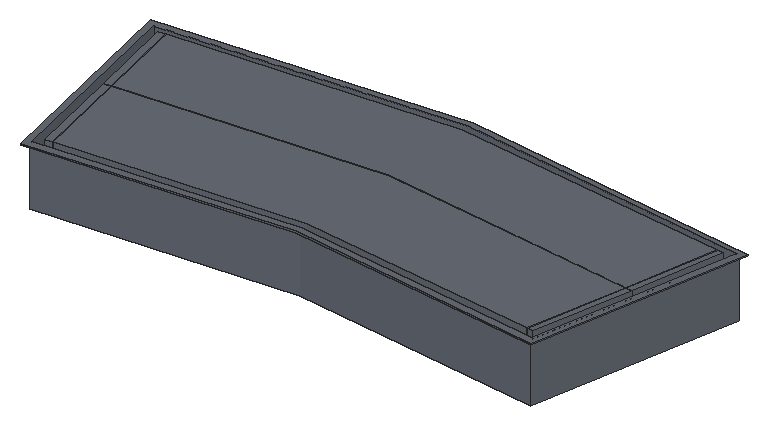
Revit family
Parameters (values of type "PL07 07 7/0")
  Width = 359.2 mm
  URL = "http://www.meinertz.com/pictures_org/prodk.pdf"
  Thermal Performance Index = 7
  Thermal Performance Constant = if(Thermal Performance Index = 3, 145, if(Thermal Performance Index = 4, 191, if(Thermal Performance Index = 5, 231, if(Thermal Performance Index = 6, 262, if(Thermal Performance Index = 7, 287, if(Thermal Performance Index = 8, 317, if(Thermal Performance Index = 9, 339, if(Thermal Performance Index = 10, 359, if(Thermal Performance Index = 11, 382, if(Thermal Performance Index = 12, 404, if(Thermal Performance Index = 13, 424, 444)))))))))))  # 287
  Thermal Performance = Thermal Performance Constant * Length / 1000 mm  # 288.7631
  Tapping Depth = if(Tap Radius = 9.5 mm / 2, 13 mm, 17 mm)  # 13 mm
  Tap Radius = 9.5 mm / 2  # 4.75 mm
  Right Tap Visible = Count Grill Main > 3  # yes
  R = ((K ^ 2) / (8 * H) + (H / 2))  # 2525 mm
  Outer Side Width = Width - Convector Width  # 191.2 mm
  Not Flip Convector Side = not(Flip Convector Side)  # yes
  Model = "PL07 07 7/0"
  Manufacturer = "Meinertz"  # constant formula
  Length = 2 * 3.14 * R * Alpha / Full Circle  # 1006.143 mm
  Keynote = "PL07 07 7/0"
  K = 1000 mm
  Inner Rad = R - Actual Width  # 2154 mm
  H = 50 mm
  Grill = RAL 7024
  GoGetNo = 6948  # constant formula
  Full Circle = 360.00°  # constant formula
  Frame = RAL 7024
  Flip Convector Side = no
  Disable Tap = and(Right Tap Visible, not(Flip Convector Side))  # yes
  Disable Tap 2 = and(Right Tap Visible, (Flip Convector Side))  # no
  Depth Outer = if(Flip Convector Side, 20 mm, 70 mm)  # 70 mm
  Depth Inside = if(Flip Convector Side, 70 mm, 20 mm)  # 20 mm
  Count Grill Total = (Width - 13 mm - 22 mm) / 24 mm + 0.49  # 14
  Count Grill Side = Count Grill Total - Count Grill Main  # 7
  Count Grill Main = Convector Width / 24 mm  # 7
  Convector Width = 168 mm
  Center Rad = Inner Rad + Actual Width 1  # 2346 mm
  Alpha = 2 * acos((R - H) / R)  # 22.8424°
  Actual Width 2 = if(Flip Convector Side, (Count Grill Side) * 24 mm + 13 mm + 11 mm, Count Grill Main * 24 mm + 11 mm)  # 179 mm
  Actual Width 1 = if(Flip Convector Side, Count Grill Main * 24 mm + 11 mm, (Count Grill Side) * 24 mm + 13 mm + 11 mm)  # 192 mm
  Actual Width = Actual Width 1 + Actual Width 2  # 371 mm
Types (6, lengths in mm): name | Width | Thermal Performance Index | Thermal Performance Constant | Thermal Performance | Right Tap Visible | Outer Side Width | Model | Keynote | Inner Rad | Disable Tap | Count Grill Total | Count Grill Side | Count Grill Main | Convector Width | Center Rad | Actual Width 2 | Actual Width 1 | Actual Width
  (no name) | 359.2 | 7 | 287 | 288.7631 | yes | 191.2 | "PL07 07 7/0" | "PL07 07 7/0" | 2154 | yes | 14 | 7 | 7 | 168 | 2346 | 179 | 192 | 371
  PL07 07 7/0 | 359.2 | 7 | 287 | 288.7631 | yes | 191.2 | "PL07 07 7/0" | "PL07 07 7/0" | 2154 | yes | 14 | 7 | 7 | 168 | 2346 | 179 | 192 | 371
  PL07 06 6/0 | 311.2 | 6 | 262 | 263.6095 | yes | 167.2 | "PL07 06 6/0" | "PL07 06 6/0" | 2202 | yes | 12 | 6 | 6 | 144 | 2370 | 155 | 168 | 323
  PL07 05 5/0 | 263.2 | 5 | 231 | 232.419 | yes | 143.2 | "PL07 05 5/0" | "PL07 05 5/0" | 2250 | yes | 10 | 5 | 5 | 120 | 2394 | 131 | 144 | 275
  PL07 04 5/0 | 239.2 | 4 | 191 | 192.1733 | yes | 143.2 | "PL07 04 5/0" | "PL07 04 5/0" | 2274 | yes | 9 | 5 | 4 | 96 | 2418 | 107 | 144 | 251
  PL07 03 5/0 | 215.2 | 3 | 145 | 145.8907 | no | 143.2 | "PL07 03 5/0" | "PL07 03 5/0" | 2298 | no | 8 | 5 | 3 | 72 | 2442 | 83 | 144 | 227
Reference planes
  plane 1 "Center (Front/Back)": y = 0
  plane 2: z = 0
  plane 3 "Center (Left/Right)": x = 0
  plane 4: y = -2475
  plane 5: y = 50
  plane 6: x = -500
  plane 7: x = 500
  plane 8: z = -70
  plane 9: z = -20
  plane 10: z = -100
Forms (mm)
  Extrusion 1, solid, material "RAL 7024" <- "Grill"
    sketch origin (0, 0, 0) x (1, 0, 0) y (0, 1, 0)
      loop
        line (-460.892, -16.834) -> (-430.196, -168.781)
        arc (-430.196, -168.781) -> (0, -129) -> (430.196, -168.781) r 2346
        line (430.196, -168.781) -> (460.892, -16.834)
        arc (460.892, -16.834) -> (0, 26) -> (-460.892, -16.834) r 2501
    from 0 to -70
  Extrusion 2, solid, material "RAL 7024" <- "Grill"
    sketch origin (0, 0, 0) x (1, 0, 0) y (0, 1, 0)
      loop
        line (-430.196, -168.781) -> (-396.925, -333.474)
        arc (-396.925, -333.474) -> (0, -297) -> (396.925, -333.474) r 2178
        line (396.925, -333.474) -> (430.196, -168.781)
        arc (430.196, -168.781) -> (0, -129) -> (-430.196, -168.781) r 2346
    from 0 to -20
  Extrusion 3, solid, material "RAL 7024" <- "Frame"
    sketch origin (0, 0, 0) x (1, 0, 0) y (0, 1, 0)
      loop
        line (-471.7, -18.885) -> (-441.005, -170.823)
        arc (-441.005, -170.823) -> (-435.602, -169.796) -> (-430.196, -168.781) r 2346
        line (-430.196, -168.781) -> (-460.892, -16.834)
        arc (-460.892, -16.834) -> (-466.297, -17.854) -> (-471.7, -18.885) r 2501
      loop
        arc (471.7, -18.885) -> (466.297, -17.854) -> (460.892, -16.834) r 2501
        line (460.892, -16.834) -> (430.196, -168.781)
        arc (430.196, -168.781) -> (435.602, -169.796) -> (441.005, -170.823) r 2346
        line (441.005, -170.823) -> (471.7, -18.885)
    from 0 to -70
  Extrusion 4, solid, material "RAL 7024" <- "Frame"
    sketch origin (0, 0, 0) x (1, 0, 0) y (0, 1, 0)
      loop
        arc (441.005, -170.823) -> (435.607, -169.797) -> (430.206, -168.783) r 2346
        line (430.206, -168.783) -> (396.935, -333.476)
        arc (396.935, -333.476) -> (402.337, -334.484) -> (407.736, -335.506) r 2178
        line (407.736, -335.506) -> (441.005, -170.823)
      loop
        line (-441.005, -170.823) -> (-407.736, -335.506)
        arc (-407.736, -335.506) -> (-402.332, -334.483) -> (-396.925, -333.474) r 2178
        line (-396.925, -333.474) -> (-430.196, -168.781)
        arc (-430.196, -168.781) -> (-435.602, -169.796) -> (-441.005, -170.823) r 2346
    from 0 to -20
  Extrusion 5, solid, visible <- "Flip Convector Side"
    sketch origin (-441.005, -170.823, -50) x (0.19802, -0.980198, 0) y (0, 0, 1)
      loop
        circle (138.009, -5) r 4.75
    from 0 to 13 <- "Tapping Depth"
  Extrusion 6, solid, visible <- "Disable Tap 2"
    sketch origin (-441.005, -170.823, -50) x (0.19802, -0.980198, 0) y (0, 0, 1)
      loop
        circle (30, -5) r 4.75
    from 0 to 13
  Extrusion 7, solid, visible <- "Disable Tap"
    sketch origin (-471.7, -18.885, 50) x (0.19802, -0.980198, 0) y (0, 0, 1)
      loop
        circle (125.008, -105) r 4.75
    from 0 to 13 <- "Tapping Depth"
  Extrusion 8, solid, visible <- "Not Flip Convector Side"
    sketch origin (-471.7, -18.885, 50) x (0.19802, -0.980198, 0) y (0, 0, 1)
      loop
        circle (30, -105) r 4.75
    from 0 to 13 <- "Tapping Depth"
  Extrusion 9, solid, visible <- "Flip Convector Side"
    sketch origin (441.005, -170.823, -50) x (-0.19802, -0.980198, 0) y (0, 0, -1)
      loop
        circle (138.009, 5) r 4.75
    from 0 to 13 <- "Tapping Depth"
  Extrusion 10, solid, visible <- "Disable Tap 2"
    sketch origin (441.005, -170.823, -50) x (-0.19802, -0.980198, 0) y (0, 0, -1)
      loop
        circle (30, 5) r 4.75
    from 0 to 13 <- "Tapping Depth"
  Extrusion 11, solid, visible <- "Disable Tap"
    sketch origin (471.7, -18.885, 50) x (-0.19802, -0.980198, 0) y (0, 0, -1)
      loop
        circle (125.008, 105) r 4.75
    from 0 to 13 <- "Tapping Depth"
  Extrusion 12, solid, visible <- "Not Flip Convector Side"
    sketch origin (471.7, -18.885, 50) x (-0.19802, -0.980198, 0) y (0, 0, -1)
      loop
        circle (30, 105) r 4.75
    from 0 to 13 <- "Tapping Depth"
  Sweep 13, solid, material "RAL 7024" <- "Frame"
    path origin (0, 0, 0) x (1, 0, 0) y (0, 1, 0)
      loop
        line (-500, 0) -> (-426.535, -363.653)
        arc (-426.535, -363.653) -> (0, -321) -> (426.535, -363.653) r 2154
        line (426.535, -363.653) -> (500, 0)
        arc (500, 0) -> (0, 50) -> (-500, 0) r 2525
    profile origin (0, 50, 0) x (0, 1, 0) y (0, 0, 1)
      loop
        line (0, 0) -> (-11, 0) -> (-11, -100) -> (-9, -100) -> (-9, -2) -> (0, -2) -> (0, 0)
  Extrusion 14, solid, material "RAL 7024" <- "Frame"
    sketch origin (0, 0, 0) x (1, 0, 0) y (0, 1, 0)
      loop
        line (-487.035, -8.628) -> (-417.925, -350.72)
        arc (-417.925, -350.72) -> (0, -310) -> (417.925, -350.72) r 2165
        line (417.925, -350.72) -> (487.035, -8.628)
        arc (487.035, -8.628) -> (0, 39) -> (-487.035, -8.628) r 2514
    from -100 to -98
Lines and regions (mm)
  reference lines
    curve 1: arc (-500, 0, 0) -> (0, 50, 0) -> (500, 0, 0) r 2525
    curve 2: arc (-495.248, -23.525, 0) -> (0, 26, 0) -> (495.248, -23.525, 0) r 2501
    curve 3: arc (-493.069, -34.307, 0) -> (0, 15, 0) -> (493.069, -34.307, 0) r 2490
    curve 4: arc (-464.554, -175.455, 0) -> (0, -129, 0) -> (464.554, -175.455, 0) r 2346
    curve 5: arc (-433.465, -329.347, 0) -> (0, -286, 0) -> (433.465, -329.347, 0) r 2189
    curve 6: arc (-426.535, -363.653, 0) -> (0, -321, 0) -> (426.535, -363.653, 0) r 2154
    curve 7: arc (-431.287, -340.129, 0) -> (0, -297, 0) -> (431.287, -340.129, 0) r 2178
    curve 8: line (-500, 0, 0) -> (0, -2475, 0)
    curve 9: line (500, 0, 0) -> (0, -2475, 0)
    curve 10: line (-476.453, 4.641, 0) -> (53.234, -2617.31, 0)
    curve 11: line (476.453, 4.641, 0) -> (-52.244, -2612.409, 0)
    curve 12: line (-465.645, 6.693, 0) -> (0, -2298.25, 0)
    curve 13: line (465.645, 6.693, 0) -> (0, -2298.25, 0)
    curve 14: line (-489.213, 2.155, 0) -> (10.782, -2472.822, 0)
    curve 15: line (489.213, 2.155, 0) -> (-10.782, -2472.822, 0)
    curve 16: arc (-428.713, -352.871, 0) -> (0, -310, 0) -> (428.713, -352.871, 0) r 2165
    curve 17: arc (-497.822, -10.782, 0) -> (0, 39, 0) -> (497.822, -10.782, 0) r 2514
Dimensions and locks
  "H": plane 5 to plane 1 "Center (Front/Back)"
  "K": plane 6 to plane 7
  equal spacing: plane 6, plane 3 "Center (Left/Right)", plane 7
  "R": plane 5 to plane 4
  "Depth Outer": plane 2 to plane 8
  "Depth Inside": plane 2 to plane 9
  locked: plane 2 to Extrusion 8 sketch curve at 55
  locked: plane 2 to Extrusion 7 sketch curve at 55
  locked: plane 2 to Extrusion 6 sketch curve at 55
  locked: plane 2 to Extrusion 5 sketch curve at 55
  locked: plane 2 to Extrusion 12 sketch curve at 55
  locked: plane 2 to Extrusion 11 sketch curve at 55
  locked: plane 2 to Extrusion 10 sketch curve at 55
  locked: plane 2 to Extrusion 9 sketch curve at 55
  curve 8 to curve 14 to curve 10 to curve 12 = 11 mm locked, 13 mm locked, 11 mm locked
  curve 13 to curve 11 to curve 15 to curve 9 = 11 mm locked, 13 mm locked, 11 mm locked
  plane 5 to Sweep 13 sketch curve to Sweep 13 sketch curve = 9 mm locked, 2 mm locked
  curve 8 to curve 17 to curve 2 to curve 3 = 11 mm locked, 13 mm locked, 11 mm locked
  curve 6 to curve 16 to curve 7 to curve 5 = 11 mm locked, 13 mm locked, 11 mm locked  (x2)
  curve 9 to curve 17 to curve 2 to curve 3 = 11 mm locked, 13 mm locked, 11 mm locked
  "R": radius of curve 1
  "Center Rad": radius of curve 4
  "Tap Radius": radius of Extrusion 8 sketch curve
  "Tap Radius": radius of Extrusion 7 sketch curve
  "Tap Radius": radius of Extrusion 6 sketch curve
  "Tap Radius": radius of Extrusion 5 sketch curve
  "Tap Radius": radius of Extrusion 12 sketch curve
  "Tap Radius": radius of Extrusion 11 sketch curve
  "Tap Radius": radius of Extrusion 10 sketch curve
  "Tap Radius": radius of Extrusion 9 sketch curve
  "Inner Rad": radius of curve 6
  aligned and locked: level to plane 2
  aligned and locked: plane 1 "Center (Front/Back)" to curve 1  (x2)
  aligned and locked: plane 4 to curve 8
  aligned and locked: Extrusion 1 sketch curve to curve 2
  aligned and locked: curve 12 to Extrusion 1 sketch curve
  aligned and locked: Extrusion 1 sketch curve to curve 4
  aligned and locked: curve 13 to Extrusion 1 sketch curve
  aligned and locked: Extrusion 2 sketch curve to curve 4
  aligned and locked: curve 12 to Extrusion 2 sketch curve
  aligned and locked: Extrusion 2 sketch curve to curve 7
  aligned and locked: curve 13 to Extrusion 2 sketch curve
  aligned and locked: Extrusion 3 sketch curve to curve 2  (x2)
  aligned and locked: curve 12 to Extrusion 3 sketch curve
  aligned and locked: curve 10 to Extrusion 3 sketch curve
  aligned and locked: Extrusion 3 sketch curve to curve 4  (x2)
  aligned and locked: curve 13 to Extrusion 3 sketch curve
  aligned and locked: curve 11 to Extrusion 3 sketch curve
  aligned and locked: curve 11 to Extrusion 4 sketch curve
  aligned and locked: Extrusion 4 sketch curve to curve 4
  aligned and locked: curve 10 to Extrusion 4 sketch curve
  aligned and locked: curve 12 to Extrusion 4 sketch curve
  aligned and locked: plane 8 to Extrusion 1
  aligned and locked: plane 9 to Extrusion 2
  aligned and locked: Extrusion 4 sketch curve to Extrusion 2  (x4)
  aligned and locked: Extrusion 3 to plane 8
  aligned and locked: Extrusion 4 to plane 9
  aligned and locked: Sweep 13 sketch curve to curve 1
  aligned and locked: Sweep 13 sketch curve to curve 8
  aligned and locked: Sweep 13 sketch curve to curve 6
  aligned and locked: Sweep 13 sketch curve to curve 9
  aligned and locked: Sweep 13 sketch curve to plane 2
  aligned and locked: plane 5 to Sweep 13 sketch curve
  aligned and locked: plane 10 to Sweep 13 sketch curve
  aligned and locked: Extrusion 14 to plane 10
  aligned and locked: Extrusion 14 sketch curve to curve 17
  aligned and locked: curve 15 to Extrusion 14 sketch curve
  aligned and locked: Extrusion 14 sketch curve to curve 16
  aligned and locked: curve 14 to Extrusion 14 sketch curve
Automatic sketch dimensions
  Extrusion 4 to Extrusion 5 sketch curve = 30 mm
  Extrusion 4 to Extrusion 6 sketch curve = 30 mm
  Extrusion 7 sketch curve to Extrusion 3 = 30 mm
  Extrusion 3 to Extrusion 8 sketch curve = 30 mm
  Extrusion 9 sketch curve to Extrusion 4 = 30 mm
  Extrusion 10 sketch curve to Extrusion 4 = 30 mm
  Extrusion 3 to Extrusion 11 sketch curve = 30 mm
  Extrusion 12 sketch curve to Extrusion 3 = 30 mm
  Extrusion 4 sketch curve to Extrusion 4 sketch curve = 10.801 mm
  Extrusion 4 sketch curve to Extrusion 4 sketch curve = 10.799 mm
  Sweep 13 sketch curve to level = 2 mm
  curve 1 to curve 2 = 0 mm
  curve 1 to curve 3 = 0 mm
  curve 1 to curve 4 = 0 mm  (x2)
  curve 1 to curve 5 = 0 mm  (x2)
  curve 1 to curve 6 = 0 mm
  curve 1 to curve 7 = 0 mm
  curve 7 to curve 17 = 0 mm
  curve 16 to curve 17 = 0 mm
  curve 1 to plane 6 = 0 mm
  curve 6 to plane 3 "Center (Left/Right)" = 0 mm
  curve 13 to plane 3 "Center (Left/Right)" = 0 mm
  curve 8 to plane 3 "Center (Left/Right)" = 0 mm
  curve 11 to plane 3 "Center (Left/Right)" = 52.244 mm
  plane 4 to curve 15 = 2.178 mm
  curve 15 to plane 3 "Center (Left/Right)" = 10.782 mm
  plane 4 to curve 14 = 2.178 mm
  plane 3 "Center (Left/Right)" to curve 10 = 53.234 mm
  plane 7 to Extrusion 14 sketch curve = 82.075 mm
  plane 1 "Center (Front/Back)" to Extrusion 14 sketch curve = 8.628 mm
Connectors
  piping at (-478.502, -50.865, -55)
    settings: on Extrusion 8, index 1, connector radius 4.8 mm, flow factor 0, pipe flow 0.0 L/s, pressure drop 0.0 Pa, fitting loss kfactor 0, connector angle 0.00°, fixture units 0, flow configuration 1, flow direction 1, fitting loss method 0, system type 22, connector reference index -1, connector utility 0, adjustable connector no, is connector primary yes, fitting loss table "", connector description ""
  piping at (-459.689, -143.992, -55)
    settings: on Extrusion 7, index 2, connector radius 4.8 mm, flow factor 0, pipe flow 0.0 L/s, pressure drop 0.0 Pa, fitting loss kfactor 0, connector angle 0.00°, fixture units 0, flow configuration 1, flow direction 2, fitting loss method 0, system type 22, connector reference index -1, connector utility 0, adjustable connector no, is connector primary no, fitting loss table "", connector description ""
  piping at (-447.807, -202.804, -55)
    settings: on Extrusion 6, index 3, connector radius 4.8 mm, flow factor 0, pipe flow 0.0 L/s, pressure drop 0.0 Pa, fitting loss kfactor 0, connector angle 0.00°, fixture units 0, flow configuration 1, flow direction 1, fitting loss method 0, system type 22, connector reference index -1, connector utility 0, adjustable connector no, is connector primary no, fitting loss table "", connector description ""
  piping at (-426.419, -308.674, -55)
    settings: on Extrusion 5, index 4, connector radius 4.8 mm, flow factor 0, pipe flow 0.0 L/s, pressure drop 0.0 Pa, fitting loss kfactor 0, connector angle 0.00°, fixture units 0, flow configuration 1, flow direction 2, fitting loss method 0, system type 22, connector reference index -1, connector utility 0, adjustable connector no, is connector primary no, fitting loss table "", connector description ""
  piping at (426.419, -308.674, -55)
    settings: on Extrusion 9, index 5, connector radius 4.8 mm, flow factor 0, pipe flow 0.0 L/s, pressure drop 0.0 Pa, fitting loss kfactor 0, connector angle 0.00°, fixture units 0, flow configuration 1, flow direction 1, fitting loss method 0, system type 22, connector reference index -1, connector utility 0, adjustable connector no, is connector primary no, fitting loss table "", connector description ""
  piping at (447.807, -202.804, -55)
    settings: on Extrusion 10, index 6, connector radius 4.8 mm, flow factor 0, pipe flow 0.0 L/s, pressure drop 0.0 Pa, fitting loss kfactor 0, connector angle 0.00°, fixture units 0, flow configuration 1, flow direction 2, fitting loss method 0, system type 22, connector reference index -1, connector utility 0, adjustable connector no, is connector primary no, fitting loss table "", connector description ""
  piping at (459.689, -143.992, -55)
    settings: on Extrusion 11, index 7, connector radius 4.8 mm, flow factor 0, pipe flow 0.0 L/s, pressure drop 0.0 Pa, fitting loss kfactor 0, connector angle 0.00°, fixture units 0, flow configuration 1, flow direction 1, fitting loss method 0, system type 22, connector reference index -1, connector utility 0, adjustable connector no, is connector primary no, fitting loss table "", connector description ""
  piping at (478.502, -50.865, -55)
    settings: on Extrusion 12, index 8, connector radius 4.8 mm, flow factor 0, pipe flow 0.0 L/s, pressure drop 0.0 Pa, fitting loss kfactor 0, connector angle 0.00°, fixture units 0, flow configuration 1, flow direction 2, fitting loss method 0, system type 22, connector reference index -1, connector utility 0, adjustable connector no, is connector primary no, fitting loss table "", connector description ""
